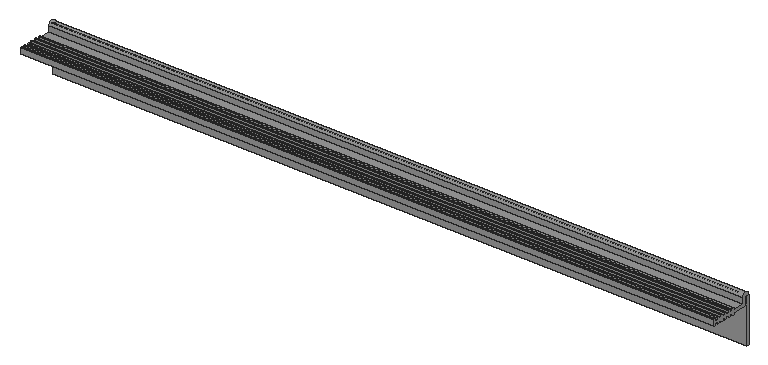
Revit family "PVC320L_Retrofit Expansion Joint PVC", category Specialty Equipment, Revit 2019
Family settings
  Round Connector Dimension = Use Diameter
  Part Type = Normal
  OmniClass Number = 23.10.00.00
  OmniClass Title = Site Products
  Work Plane-Based = No
  Cut with Voids When Loaded = No
  Shared = No
  Room Calculation Point = No
Parameters (values of type "PVC320L - Horizontal")
  z_Vertical = no
  z_Left Cut Distance [instance] = if([Left Cut 45° Tee-Cross], 0.00", 5.00")  # 5.00"
  z_Horizontal = yes
  z_Distance 3 [instance] = if(Ellbow Cut, 4.00", 15.00")  # 15.00"
  z_Distance 2 [instance] = if(and(Corner Cut, z_Vertical), 0.44", 5.00")  # 5.00"
  z_Distance 1 [instance] = if([Right Cut 45° Tee-Cross], 5.00", 10.00")  # 10.00"
  z_Distance [instance] = if([Left Cut 45° Tee-Cross], 5.00", 10.00")  # 10.00"
  z_Cut Distance [instance] = if(z_Distance 2 = 0.44", 0.44", 0.00")  # 0.00"
  Width = 3.28"
  Weight = "2 lbs/lft"
  URL = "https://www.jpspecialties.com/"
  z_Right Cut Distance [instance] = if([Right Cut 45° Tee-Cross], 0.00", 5.00")  # 5.00"
  Telephone = "951-763-7077"
  Right Cut 45° Tee-Cross [instance] = no
  Product data url = "www.bimmodeller.com/jpspecialties/products/Polyvinyl-Chloride-PVC-Waterstop"
  Product Material = JP Specialties - Polyvinyl Chloride (PVC)
  Product Guid = "27e5cdcc-cece-4d8c-947d-ca6b8ef269ba"  # constant formula
  NOTE [instance] = "Elbow Cut and Tee-Cross cuts cannot be checked at the same time"  # constant formula
  Model = "PVC320L"
  Materials = PVC
  Manufacturer = "J P Specialties Inc."  # constant formula
  built-in parameter 1001306 [instance] = 48.00"
  Left Cut 45° Tee-Cross [instance] = no
  z_Ellbow Cut Distance [instance] = if(Ellbow Cut, 0.00", 5.00")  # 5.00"
  z_Ellbow Cut Sweep Distance [instance] = if(Ellbow Cut, 5.00", 0.00")  # 0.00"
  Hydrophobic = "Yes"
  Hydrophilic = "No"
  Height = 3.69"
  Ellbow Cut [instance] = no
  Keynote = "13000"
  Edition number = 1
  Description = "PVC320L is 9\" Earth Shield PVC baseseal waterstop."
  Corner Cut [instance] = no
  Certifications = "NSF 61, NSF 372, CRD C-572-74, ASTM D512"
  Assembly Code = "F1030"
Types (2): name | z_Vertical | z_Horizontal
  PVC320L - Horizontal | no | yes
  PVC320L - Vertical | yes | no
Reference planes (in)
  plane 1 "Center (Front/Back)": y = 0
  plane 2: z = 0
  plane 3 "Left": x = 0
  plane 4 "Right": x = 48
  plane 5: y = 3
  plane 6: y = -3
  plane 7: z = -2.41932
  plane 8: z = 10
  plane 9: z = -10
  plane 10: x = 48
  plane 11: z = 15
  plane 12: x = -5
  plane 13: x = 0
  plane 14: y = 4.75
Forms (in)
  Extrusion 1, void
    sketch origin (0, 0, 0) x (1, 0, 0) y (0, 1, 0)
      loop
        line (48, 0) -> (48, 6) -> (42, 6) -> (48, 0)
    from 2.58068 to 12
  Extrusion 2, void
    sketch origin (0, 0, 0) x (1, 0, 0) y (0, 1, 0)
      loop
        line (48, -1.54677) -> (48, 5.93766) -> (40.51557, 5.93766) -> (48, -1.54677)
    from 2.58068 to 12.82911
  Extrusion 3, void
    sketch origin (0, 0, 0) x (1, 0, 0) y (0, 1, 0)
      loop
        line (48, 0) -> (41.75, -6.25) -> (48, -6.25) -> (48, 0)
    from 2.58068 to 12
  Extrusion 4, void
    sketch origin (0, 0, 0) x (1, 0, 0) y (0, 0, 1)
      loop
        line (48, 4.99947) -> (48, 11.25) -> (41.74947, 11.25) -> (48, 4.99947)
    from -8.21469 to 12
  Extrusion 5, void
    sketch origin (0, 0, 0) x (1, 0, 0) y (0, 0, 1)
      loop
        line (48, -5) -> (42.0625, -10.9375) -> (48, -10.9375) -> (48, -5)
    from -8.21469 to 12
  Extrusion 6, void
    sketch origin (0, 0, 0) x (1, 0, 0) y (0, 0, 1)
      loop
        line (48, 12.54736) -> (42.07764, 6.625) -> (48, 6.625) -> (48, 12.54736)
    from -10.45709 to 12
  Extrusion 7, void
    sketch origin (0, 0, 0) x (1, 0, 0) y (0, 1, 0)
      loop
        line (-5, -4.5025) -> (4.2525, 4.75) -> (-5, 4.75) -> (-5, -4.5025)
    from -8.14882 to 12
  Sweep 8, solid, material "PVC" <- "Materials", visible <- "z_Horizontal"
    path origin (0, 0, 0) x (1, 0, 0) y (0, 1, 0)
      loop
        line (-5, 0.00016) -> (48, 0.00016)
    profile "PVC320L : PVC320L" origin (21.5, 0.00016, 0) x (0, 1, 0) y (0, 0, 1)
      loop
        line (1.35934, 1.48434) -> (1.54683, 1.48434) -> (1.54683, 2.06244)
        arc (1.54683, 2.06244) -> (1.45309, 2.15619) -> (1.35934, 2.06244) r 0.09375
        line (1.35934, 2.06244) -> (1.35934, 1.48434)
      loop
        line (1.54683, 1.46871) -> (1.54683, -1.34371) -> (1.73433, -1.34371) -> (1.70308, -1.31246) -> (1.73433, -1.28122) -> (1.70308, -1.24997) -> (1.73433, -1.21872) -> (1.70308, -1.18747) -> (1.73433, -1.15622) -> (1.70308, -1.12497) -> (1.73433, -1.09372) -> (1.70308, -1.06247) -> (1.73433, -1.03122) -> (1.70308, -0.99997) -> (1.73433, -0.96872) -> (1.70308, -0.93747) -> (1.73433, -0.90623) -> (1.70308, -0.87498) -> (1.73433, -0.84373) -> (1.70308, -0.81248) -> (1.73433, -0.78123) -> (1.70308, -0.74998) -> (1.73433, -0.71873) -> (1.70308, -0.68748) -> (1.73433, -0.65623) -> (1.70308, -0.62498) -> (1.73433, -0.59373) -> (1.70308, -0.56248) -> (1.73433, -0.53124) -> (1.70308, -0.49999) -> (1.73433, -0.46874) -> (1.70308, -0.43749) -> (1.73433, -0.40624) -> (1.70308, -0.37499) -> (1.73433, -0.34374) -> (1.70308, -0.31249) -> (1.73433, -0.28124) -> (1.70308, -0.24999) -> (1.73433, -0.21874) -> (1.70308, -0.18749) -> (1.73433, -0.15625) -> (1.70308, -0.125) -> (1.73433, -0.09375) -> (1.70308, -0.0625) -> (1.73433, -0.03125) -> (1.70308, 0) -> (1.73433, 0.03125) -> (1.70308, 0.0625) -> (1.73433, 0.09375) -> (1.70308, 0.125) -> (1.73433, 0.15625) -> (1.70308, 0.1875) -> (1.73433, 0.21874) -> (1.70308, 0.24999) -> (1.73433, 0.28124) -> (1.70308, 0.31249) -> (1.73433, 0.34374) -> (1.70308, 0.37499) -> (1.73433, 0.40624) -> (1.70308, 0.43749) -> (1.73433, 0.46874) -> (1.70308, 0.49999) -> (1.73433, 0.53124) -> (1.70308, 0.56249) -> (1.73433, 0.59373) -> (1.70308, 0.62498) -> (1.73433, 0.65623) -> (1.70308, 0.68748) -> (1.73433, 0.71873) -> (1.70308, 0.74998) -> (1.73433, 0.78123) -> (1.70308, 0.81248) -> (1.73433, 0.84373) -> (1.70308, 0.87498) -> (1.73433, 0.90623) -> (1.70308, 0.93748) -> (1.73433, 0.96872) -> (1.70308, 0.99997) -> (1.73433, 1.03122) -> (1.70308, 1.06247) -> (1.73433, 1.09372) -> (1.70308, 1.12497) -> (1.73433, 1.15622) -> (1.70308, 1.18747) -> (1.73433, 1.21872) -> (1.70308, 1.24997) -> (1.73433, 1.28122) -> (1.70308, 1.31247) -> (1.73433, 1.34371) -> (1.70308, 1.37496) -> (1.73433, 1.40621) -> (1.70308, 1.43746) -> (1.73433, 1.46871) -> (1.73433, 2.06244)
        arc (1.73433, 2.06244) -> (1.45309, 2.34369) -> (1.17184, 2.06244) r 0.28124
        line (1.17184, 2.06244) -> (1.17184, 1.65621) -> (0.30312, 1.65621) -> (0.30312, 1.7812) -> (0.20312, 1.7812) -> (0.20312, 1.65621) -> (-0.04687, 1.65621) -> (-0.04687, 1.7812) -> (-0.14687, 1.7812) -> (-0.14687, 1.65621) -> (-0.39686, 1.65621) -> (-0.39686, 1.7812) -> (-0.49686, 1.7812) -> (-0.49686, 1.65621) -> (-0.74686, 1.65621) -> (-0.74686, 1.7812) -> (-0.84685, 1.7812) -> (-0.84685, 1.65621) -> (-1.09685, 1.65621) -> (-1.09685, 1.7812) -> (-1.19684, 1.7812) -> (-1.19684, 1.65621) -> (-1.44684, 1.65621) -> (-1.44684, 1.7812) -> (-1.54683, 1.7812) -> (-1.54683, 1.34371) -> (-1.44684, 1.34371) -> (-1.44684, 1.46871) -> (-1.19684, 1.46871) -> (-1.19684, 1.34371) -> (-1.09685, 1.34371) -> (-1.09685, 1.46871) -> (-0.84685, 1.46871) -> (-0.84685, 1.34371) -> (-0.74686, 1.34371) -> (-0.74686, 1.46871) -> (-0.49686, 1.46871) -> (-0.49686, 1.34371) -> (-0.39686, 1.34371) -> (-0.39686, 1.46871) -> (-0.14687, 1.46871) -> (-0.14687, 1.34371) -> (-0.04687, 1.34371) -> (-0.04687, 1.46871) -> (0.20312, 1.46871) -> (0.20312, 1.34371) -> (0.30312, 1.34371) -> (0.30312, 1.46871) -> (1.54683, 1.46871)
  Sweep 9, solid, material "PVC" <- "Materials", visible <- "z_Vertical"
    path origin (0, 0, 0) x (1, 0, 0) y (0, 1, 0)
      loop
        line (-5, 0) -> (48, 0)
    profile "PVC320L : PVC320L" origin (21.5, 0, 0) x (0, 1, 0) y (0, 0, 1)
      loop
        line (1.48486, -1.3588) -> (1.48488, -1.5463) -> (2.06299, -1.54625)
        arc (2.06299, -1.54625) -> (2.15673, -1.45249) -> (2.06297, -1.35875) r 0.09375
        line (2.06297, -1.35875) -> (1.48486, -1.3588)
      loop
        line (1.46925, -1.5463) -> (-1.34317, -1.54654) -> (-1.34316, -1.73403) -> (-1.31191, -1.70278) -> (-1.28066, -1.73403) -> (-1.24941, -1.70278) -> (-1.21816, -1.73402) -> (-1.18691, -1.70277) -> (-1.15566, -1.73402) -> (-1.12441, -1.70277) -> (-1.09316, -1.73401) -> (-1.06192, -1.70276) -> (-1.03066, -1.73401) -> (-0.99942, -1.70276) -> (-0.96817, -1.734) -> (-0.93692, -1.70275) -> (-0.90567, -1.734) -> (-0.87442, -1.70275) -> (-0.84317, -1.73399) -> (-0.81192, -1.70274) -> (-0.78067, -1.73399) -> (-0.74942, -1.70273) -> (-0.71817, -1.73398) -> (-0.68693, -1.70273) -> (-0.65567, -1.73398) -> (-0.62443, -1.70272) -> (-0.59318, -1.73397) -> (-0.56193, -1.70272) -> (-0.53068, -1.73396) -> (-0.49943, -1.70271) -> (-0.46818, -1.73396) -> (-0.43693, -1.70271) -> (-0.40568, -1.73395) -> (-0.37443, -1.7027) -> (-0.34318, -1.73395) -> (-0.31194, -1.7027) -> (-0.28068, -1.73394) -> (-0.24944, -1.70269) -> (-0.21819, -1.73394) -> (-0.18694, -1.70269) -> (-0.15569, -1.73393) -> (-0.12444, -1.70268) -> (-0.09319, -1.73393) -> (-0.06194, -1.70268) -> (-0.03069, -1.73392) -> (0.00056, -1.70267) -> (0.03181, -1.73392) -> (0.06305, -1.70266) -> (0.09431, -1.73391) -> (0.12555, -1.70266) -> (0.1568, -1.73391) -> (0.18805, -1.70265) -> (0.2193, -1.7339) -> (0.25055, -1.70265) -> (0.2818, -1.7339) -> (0.31305, -1.70264) -> (0.3443, -1.73389) -> (0.37555, -1.70264) -> (0.4068, -1.73388) -> (0.43804, -1.70263) -> (0.4693, -1.73388) -> (0.50054, -1.70263) -> (0.53179, -1.73387) -> (0.56304, -1.70262) -> (0.59429, -1.73387) -> (0.62554, -1.70262) -> (0.65679, -1.73386) -> (0.68804, -1.70261) -> (0.71929, -1.73386) -> (0.75054, -1.70261) -> (0.78179, -1.73385) -> (0.81303, -1.7026) -> (0.84429, -1.73385) -> (0.87553, -1.7026) -> (0.90678, -1.73384) -> (0.93803, -1.70259) -> (0.96928, -1.73384) -> (1.00053, -1.70258) -> (1.03178, -1.73383) -> (1.06303, -1.70258) -> (1.09428, -1.73383) -> (1.12553, -1.70257) -> (1.15678, -1.73382) -> (1.18802, -1.70257) -> (1.21928, -1.73381) -> (1.25052, -1.70256) -> (1.28177, -1.73381) -> (1.31302, -1.70256) -> (1.34427, -1.7338) -> (1.37552, -1.70255) -> (1.40677, -1.7338) -> (1.43802, -1.70255) -> (1.46927, -1.73379) -> (2.063, -1.73374)
        arc (2.063, -1.73374) -> (2.34422, -1.45248) -> (2.06295, -1.17126) r 0.28124
        line (2.06295, -1.17126) -> (1.65672, -1.17129) -> (1.65664, -0.30257) -> (1.78164, -0.30255) -> (1.78163, -0.20256) -> (1.65663, -0.20257) -> (1.65661, 0.04743) -> (1.78161, 0.04744) -> (1.7816, 0.14743) -> (1.6566, 0.14742) -> (1.65658, 0.39742) -> (1.78158, 0.39743) -> (1.78157, 0.49742) -> (1.65657, 0.49741) -> (1.65655, 0.74741) -> (1.78155, 0.74742) -> (1.78154, 0.84741) -> (1.65654, 0.8474) -> (1.65652, 1.0974) -> (1.78152, 1.09741) -> (1.78151, 1.19741) -> (1.65651, 1.19739) -> (1.65649, 1.44739) -> (1.78149, 1.4474) -> (1.78148, 1.5474) -> (1.34399, 1.54736) -> (1.344, 1.44736) -> (1.469, 1.44737) -> (1.46902, 1.19738) -> (1.34402, 1.19737) -> (1.34403, 1.09737) -> (1.46903, 1.09738) -> (1.46905, 0.84739) -> (1.34405, 0.84738) -> (1.34406, 0.74738) -> (1.46906, 0.74739) -> (1.46908, 0.4974) -> (1.34408, 0.49739) -> (1.34409, 0.39739) -> (1.46909, 0.3974) -> (1.46911, 0.14741) -> (1.34411, 0.1474) -> (1.34412, 0.0474) -> (1.46912, 0.04741) -> (1.46914, -0.20258) -> (1.34414, -0.20259) -> (1.34415, -0.30259) -> (1.46915, -0.30258) -> (1.46925, -1.5463)
Cuts and joins
  Extrusion 1, Extrusion 2, Extrusion 3 cuts Sweep 8
  Extrusion 4, Extrusion 5, Extrusion 6 cuts Sweep 9
Dimensions and locks (in)
  "built-in parameter 1001306": plane 3 "Left" to plane 4 "Right"
  equal spacing: plane 5, plane 1 "Center (Front/Back)", plane 6
  locked: plane 5 to plane 6 at 6
  locked: Extrusion 1 sketch curve to plane 4 "Right" at 6
  locked: Extrusion 3 sketch curve to plane 4 "Right" at 6.25
  locked: plane 6 to Extrusion 3 sketch curve at 3
  locked: plane 8 to Extrusion 4 sketch curve at 5.00053
  locked: Extrusion 5 sketch curve to plane 9 at 5
  "z_Ellbow Cut Sweep Distance": plane 10 to plane 4 "Right"
  "z_Distance 2": plane 12 to plane 3 "Left"
  locked: plane 1 "Center (Front/Back)" to Extrusion 7 sketch curve at 4.75
  "z_Cut Distance": plane 13 to plane 3 "Left"
  locked: plane 12 to Extrusion 7 sketch curve at 9.2525
  locked: plane 5 to plane 14 at 1.75
  "z_Distance": plane 8 to level
  "z_Distance 3": plane 11 to plane 2
  level to plane 7 = 2.41932"
  "z_Ellbow Cut Distance": Extrusion 2 to plane 7
  "z_Distance 1": level to plane 9
  "z_Left Cut Distance": Extrusion 3 to plane 7
  "z_Right Cut Distance": Extrusion 1 to plane 7
  Extrusion 2 sketch curve to plane 1 "Center (Front/Back)" to Extrusion 2 sketch curve = 1.54677" locked, 5.93766" locked
  plane 11 to Extrusion 6 sketch curve to Extrusion 6 sketch curve = 2.45264" locked, 5.92236" locked
  locked: Extrusion 5 sketch curve to plane 9 at 0.9375
  locked: plane 14 to Extrusion 1 sketch curve at 1.25
  locked: plane 8 to Extrusion 4 sketch curve at 1.25
  locked: plane 4 "Right" to Extrusion 1 sketch curve (angle 45.00°)
  locked: Extrusion 3 sketch curve to plane 4 "Right" (angle 45.00°)
  locked: plane 4 "Right" to Extrusion 4 sketch curve (angle 45.00°)
  angle Extrusion 5 sketch curve to plane 4 "Right" = 45.00°
  locked: Extrusion 7 sketch curve to plane 12 (angle 45.00°)
  locked: Extrusion 2 sketch curve to Extrusion 2 sketch curve (angle 45.00°)
  locked: Extrusion 6 sketch curve to Extrusion 6 sketch curve (angle 45.00°)
  aligned and locked: level to plane 2
  aligned and locked: Extrusion 1 sketch curve to plane 4 "Right"
  aligned and locked: plane 1 "Center (Front/Back)" to Extrusion 1 sketch curve
  aligned and locked: Extrusion 4 sketch curve to plane 4 "Right"
  aligned and locked: plane 4 "Right" to Extrusion 5 sketch curve  (x2)
  aligned and locked: plane 12 to Sweep 8 sketch curve
  aligned and locked: plane 10 to Extrusion 3 sketch curve
  aligned and locked: plane 12 to Sweep 9 sketch curve
  aligned and locked: plane 1 "Center (Front/Back)" to Sweep 9 sketch curve
  aligned and locked: plane 10 to Sweep 9 sketch curve
  aligned and locked: plane 12 to Extrusion 7 sketch curve
  aligned and locked: plane 10 to Extrusion 2 sketch curve
  aligned and locked: plane 10 to Sweep 8 sketch curve
  aligned and locked: Extrusion 6 sketch curve to Extrusion 2
Automatic sketch dimensions
  Sweep 8 sketch curve to plane 1 "Center (Front/Back)" = 0.00016"
